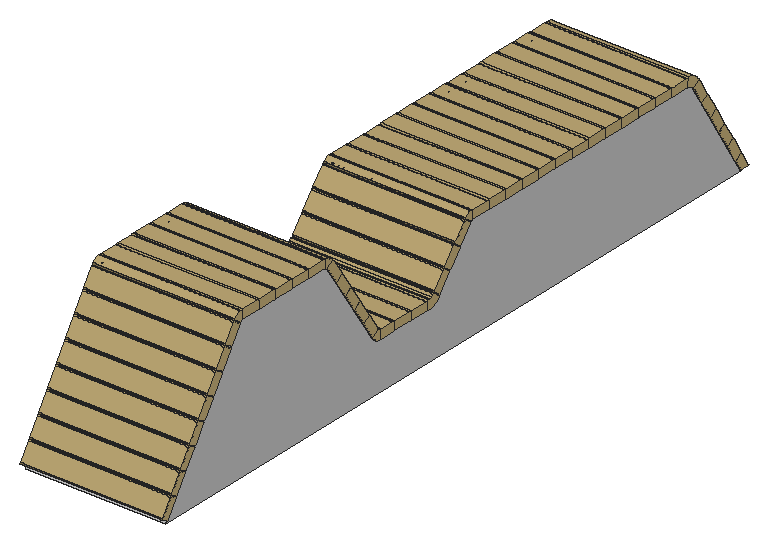
Revit family "L-FUR_벤치_YB-278_예건", category 일반 모델, Revit 2021 (continued)
Definition of nested family "YB-278_base"
  Forms (mm)
    Extrusion 23, solid, detail levels fine
      sketch origin (0, -44.962, 0) x (0, 1, 0) y (0, 0, 1)
        loop
          arc (1625.55, 397) -> (1624.672, 399.121) -> (1622.55, 400) r 3
          line (1622.55, 400) -> (1558.55, 400)
          arc (1558.55, 400) -> (1556.429, 399.121) -> (1555.55, 397) r 3
          line (1555.55, 397) -> (1555.55, 373)
          arc (1555.55, 373) -> (1556.429, 370.879) -> (1558.55, 370) r 3
        loop
          line (1631.55, 370) -> (1695.55, 370)
          arc (1695.55, 370) -> (1697.672, 370.879) -> (1698.55, 373) r 3
          line (1698.55, 373) -> (1698.55, 397)
          arc (1698.55, 397) -> (1697.672, 399.121) -> (1695.55, 400) r 3
          line (1695.55, 400) -> (1631.55, 400)
          arc (1631.55, 400) -> (1629.429, 399.121) -> (1628.55, 397) r 3
          line (1628.55, 397) -> (1628.55, 373)
          arc (1628.55, 373) -> (1629.429, 370.879) -> (1631.55, 370) r 3
        loop
          line (1704.55, 370) -> (1768.55, 370)
          arc (1768.55, 370) -> (1770.672, 370.879) -> (1771.55, 373) r 3
          line (1771.55, 373) -> (1771.55, 397)
          arc (1771.55, 397) -> (1770.672, 399.121) -> (1768.55, 400) r 3
          line (1768.55, 400) -> (1704.55, 400)
          arc (1704.55, 400) -> (1702.429, 399.121) -> (1701.55, 397) r 3
          line (1701.55, 397) -> (1701.55, 373)
          arc (1701.55, 373) -> (1702.429, 370.879) -> (1704.55, 370) r 3
        loop
          line (1777.55, 370) -> (1841.55, 370)
          arc (1841.55, 370) -> (1843.672, 370.879) -> (1844.55, 373) r 3
          line (1844.55, 373) -> (1844.55, 397)
          arc (1844.55, 397) -> (1843.672, 399.121) -> (1841.55, 400) r 3
          line (1841.55, 400) -> (1777.55, 400)
          arc (1777.55, 400) -> (1775.429, 399.121) -> (1774.55, 397) r 3
          line (1774.55, 397) -> (1774.55, 373)
          arc (1774.55, 373) -> (1775.429, 370.879) -> (1777.55, 370) r 3
        loop
          line (1850.55, 370) -> (1914.55, 370)
          arc (1914.55, 370) -> (1916.672, 370.879) -> (1917.55, 373) r 3
          line (1917.55, 373) -> (1917.55, 397)
          arc (1917.55, 397) -> (1916.672, 399.121) -> (1914.55, 400) r 3
          line (1914.55, 400) -> (1850.55, 400)
          arc (1850.55, 400) -> (1848.429, 399.121) -> (1847.55, 397) r 3
          line (1847.55, 397) -> (1847.55, 373)
          arc (1847.55, 373) -> (1848.429, 370.879) -> (1850.55, 370) r 3
        loop
          line (1923.55, 370) -> (1987.55, 370)
          arc (1987.55, 370) -> (1989.672, 370.879) -> (1990.55, 373) r 3
          line (1990.55, 373) -> (1990.55, 397)
          arc (1990.55, 397) -> (1989.672, 399.121) -> (1987.55, 400) r 3
          line (1987.55, 400) -> (1923.55, 400)
          arc (1923.55, 400) -> (1921.429, 399.121) -> (1920.55, 397) r 3
          line (1920.55, 397) -> (1920.55, 373)
          arc (1920.55, 373) -> (1921.429, 370.879) -> (1923.55, 370) r 3
        loop
          line (1996.55, 370) -> (2060.55, 370)
          arc (2060.55, 370) -> (2062.672, 370.879) -> (2063.55, 373) r 3
          line (2063.55, 373) -> (2063.55, 397)
          arc (2063.55, 397) -> (2062.672, 399.121) -> (2060.55, 400) r 3
          line (2060.55, 400) -> (1996.55, 400)
          arc (1996.55, 400) -> (1994.429, 399.121) -> (1993.55, 397) r 3
          line (1993.55, 397) -> (1993.55, 373)
          arc (1993.55, 373) -> (1994.429, 370.879) -> (1996.55, 370) r 3
        loop
          line (2069.55, 370) -> (2133.55, 370)
          arc (2133.55, 370) -> (2135.672, 370.879) -> (2136.55, 373) r 3
          line (2136.55, 373) -> (2136.55, 397)
          arc (2136.55, 397) -> (2135.672, 399.121) -> (2133.55, 400) r 3
          line (2133.55, 400) -> (2069.55, 400)
          arc (2069.55, 400) -> (2067.429, 399.121) -> (2066.55, 397) r 3
          line (2066.55, 397) -> (2066.55, 373)
          arc (2066.55, 373) -> (2067.429, 370.879) -> (2069.55, 370) r 3
        loop
          line (2142.55, 370) -> (2206.55, 370)
          arc (2206.55, 370) -> (2208.672, 370.879) -> (2209.55, 373) r 3
          line (2209.55, 373) -> (2209.55, 397)
          arc (2209.55, 397) -> (2208.672, 399.121) -> (2206.55, 400) r 3
          line (2206.55, 400) -> (2142.55, 400)
          arc (2142.55, 400) -> (2140.429, 399.121) -> (2139.55, 397) r 3
          line (2139.55, 397) -> (2139.55, 373)
          arc (2139.55, 373) -> (2140.429, 370.879) -> (2142.55, 370) r 3
        loop
          line (2215.55, 370) -> (2279.55, 370)
          arc (2279.55, 370) -> (2281.672, 370.879) -> (2282.55, 373) r 3
          line (2282.55, 373) -> (2282.55, 397)
          arc (2282.55, 397) -> (2281.672, 399.121) -> (2279.55, 400) r 3
          line (2279.55, 400) -> (2215.55, 400)
          arc (2215.55, 400) -> (2213.429, 399.121) -> (2212.55, 397) r 3
          line (2212.55, 397) -> (2212.55, 373)
          arc (2212.55, 373) -> (2213.429, 370.879) -> (2215.55, 370) r 3
        loop
          line (2288.55, 370) -> (2352.55, 370)
          arc (2352.55, 370) -> (2354.672, 370.879) -> (2355.55, 373) r 3
          line (2355.55, 373) -> (2355.55, 397)
          arc (2355.55, 397) -> (2354.672, 399.121) -> (2352.55, 400) r 3
          line (2352.55, 400) -> (2288.55, 400)
          arc (2288.55, 400) -> (2286.429, 399.121) -> (2285.55, 397) r 3
          line (2285.55, 397) -> (2285.55, 373)
          arc (2285.55, 373) -> (2286.429, 370.879) -> (2288.55, 370) r 3
        loop
          arc (2361.398, 369.974) -> (2370.234, 367.404) -> (2376.984, 361.149) r 20
          arc (2376.984, 361.149) -> (2378.821, 359.894) -> (2381.018, 360.249) r 3
          line (2381.018, 360.249) -> (2401.611, 372.605)
          arc (2401.611, 372.605) -> (2402.987, 374.486) -> (2402.601, 376.784) r 3
          arc (2402.601, 376.784) -> (2385.015, 393.51) -> (2361.625, 399.984) r 50
          arc (2361.625, 399.984) -> (2359.456, 399.133) -> (2358.55, 396.985) r 3
          line (2358.55, 396.985) -> (2358.55, 372.97)
          arc (2358.55, 372.97) -> (2359.376, 370.904) -> (2361.398, 369.974) r 3
        loop
          line (2381.558, 353.576) -> (2414.486, 298.696)
          arc (2414.486, 298.696) -> (2416.331, 297.33) -> (2418.602, 297.667) r 3
          line (2418.602, 297.667) -> (2439.182, 310.015)
          arc (2439.182, 310.015) -> (2440.549, 311.86) -> (2440.211, 314.131) r 3
          line (2440.211, 314.131) -> (2407.283, 369.011)
          arc (2407.283, 369.011) -> (2405.438, 370.378) -> (2403.167, 370.04) r 3
          line (2403.167, 370.04) -> (2382.587, 357.692)
          arc (2382.587, 357.692) -> (2381.22, 355.847) -> (2381.558, 353.576) r 3
        loop
          line (2419.116, 290.979) -> (2452.044, 236.1)
          arc (2452.044, 236.1) -> (2453.889, 234.733) -> (2456.16, 235.071) r 3
          line (2456.16, 235.071) -> (2476.74, 247.418)
          arc (2476.74, 247.418) -> (2478.107, 249.263) -> (2477.769, 251.534) r 3
          line (2477.769, 251.534) -> (2444.841, 306.414)
          arc (2444.841, 306.414) -> (2442.996, 307.781) -> (2440.725, 307.443) r 3
          line (2440.725, 307.443) -> (2420.145, 295.095)
          arc (2420.145, 295.095) -> (2418.779, 293.25) -> (2419.116, 290.979) r 3
        loop
          line (2456.675, 228.382) -> (2489.602, 173.503)
          arc (2489.602, 173.503) -> (2491.447, 172.136) -> (2493.718, 172.474) r 3
          line (2493.718, 172.474) -> (2514.298, 184.821)
          arc (2514.298, 184.821) -> (2515.665, 186.666) -> (2515.327, 188.937) r 3
          line (2515.327, 188.937) -> (2482.399, 243.817)
          arc (2482.399, 243.817) -> (2480.555, 245.184) -> (2478.284, 244.846) r 3
          line (2478.284, 244.846) -> (2457.704, 232.498)
          arc (2457.704, 232.498) -> (2456.337, 230.653) -> (2456.675, 228.382) r 3
        loop
          line (2494.233, 165.785) -> (2527.161, 110.906)
          arc (2527.161, 110.906) -> (2529.005, 109.539) -> (2531.277, 109.877) r 3
          line (2531.277, 109.877) -> (2551.856, 122.224)
          arc (2551.856, 122.224) -> (2553.223, 124.069) -> (2552.885, 126.34) r 3
          line (2552.885, 126.34) -> (2519.958, 181.22)
          arc (2519.958, 181.22) -> (2518.113, 182.587) -> (2515.842, 182.249) r 3
          line (2515.842, 182.249) -> (2495.262, 169.901)
          arc (2495.262, 169.901) -> (2493.895, 168.056) -> (2494.233, 165.785) r 3
        loop
          line (2531.791, 103.188) -> (2564.719, 48.309)
          arc (2564.719, 48.309) -> (2566.564, 46.942) -> (2568.835, 47.28) r 3
          line (2568.835, 47.28) -> (2589.415, 59.627)
          arc (2589.415, 59.627) -> (2590.782, 61.472) -> (2590.444, 63.743) r 3
          line (2590.444, 63.743) -> (2557.516, 118.623)
          arc (2557.516, 118.623) -> (2555.671, 119.99) -> (2553.4, 119.652) r 3
          line (2553.4, 119.652) -> (2532.82, 107.304)
          arc (2532.82, 107.304) -> (2531.453, 105.459) -> (2531.791, 103.188) r 3
        loop
          arc (2588.239, 9.108) -> (2589.334, 8.041) -> (2590.812, 7.651) r 3
          line (2590.812, 7.651) -> (2620.567, 7.651)
          arc (2620.567, 7.651) -> (2622.307, 8.666) -> (2622.282, 10.68) r 2
          line (2622.282, 10.68) -> (2595.074, 56.026)
          arc (2595.074, 56.026) -> (2593.229, 57.393) -> (2590.958, 57.055) r 3
          line (2590.958, 57.055) -> (2570.378, 44.707)
          arc (2570.378, 44.707) -> (2569.011, 42.862) -> (2569.349, 40.591) r 3
          line (2569.349, 40.591) -> (2588.239, 9.108)
        loop
          line (1373.784, 381.368) -> (1333.803, 331.392)
          arc (1333.803, 331.392) -> (1333.164, 329.187) -> (1334.272, 327.176) r 3
          line (1334.272, 327.176) -> (1353.013, 312.183)
          arc (1353.013, 312.183) -> (1355.218, 311.544) -> (1357.229, 312.651) r 3
          line (1357.229, 312.651) -> (1397.21, 362.627)
          arc (1397.21, 362.627) -> (1397.849, 364.832) -> (1396.741, 366.844) r 3
          line (1396.741, 366.844) -> (1378.001, 381.836)
          arc (1378.001, 381.836) -> (1375.795, 382.475) -> (1373.784, 381.368) r 3
      from 0 to 500
    Extrusion 24, solid, detail levels coarse+medium
      sketch origin (0, -43.327, 0) x (0, 1, 0) y (0, 0, 1)
        loop
          line (1243.108, 170) -> (981.409, 170) -> (766.909, 500) -> (389.47, 500) -> (64.47, 0) -> (2593.704, 0) -> (2371.704, 370) -> (1403.108, 370) -> (1243.108, 170)
      from 5 to 495
    Extrusion 25, solid, detail levels coarse+medium
      sketch origin (0, -43.327, 0) x (0, 1, 0) y (0, 0, 1)
        loop
          line (207.703, 275.405) -> (43.808, 23.259) -> (68.961, 6.909) -> (226.353, 249.05) -> (389.47, 500) -> (593.256, 500) -> (766.909, 500) -> (878.282, 328.658) -> (981.409, 170) -> (1243.108, 170) -> (1403.108, 370) -> (1940.852, 370) -> (2371.704, 370) -> (2547.963, 76.236) -> (2589.113, 7.651) -> (2624.099, 7.651) -> (2573.544, 91.91) -> (2388.69, 400) -> (2014.344, 400) -> (1388.69, 400) -> (1228.69, 200) -> (997.69, 200) -> (921.157, 317.742) -> (783.19, 530) -> (622.144, 530) -> (373.19, 530) -> (207.703, 275.405)
      from 0 to 500
  Dimensions and locks
    aligned and locked: level to plane 2
